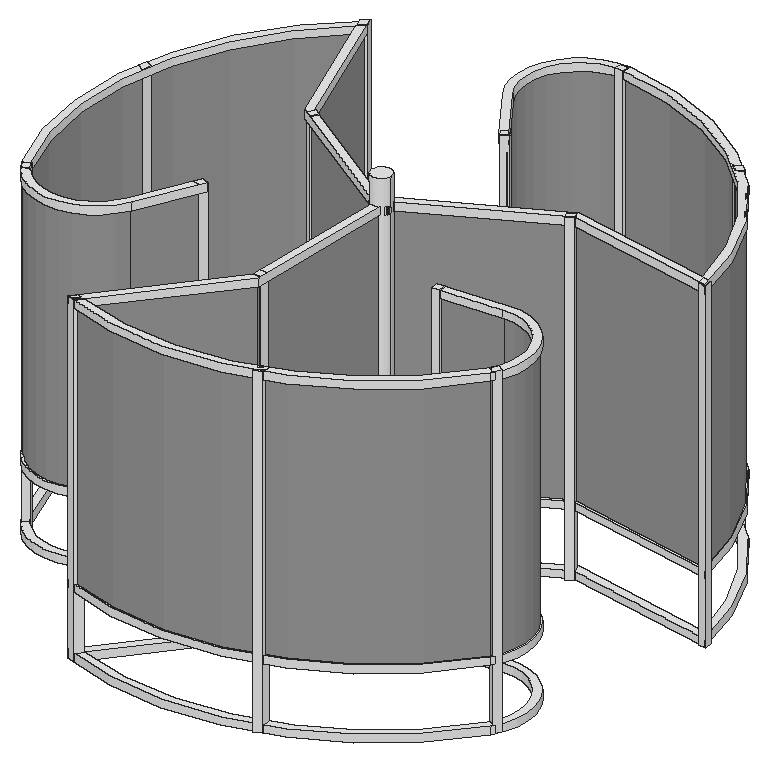
Revit family "Пляжная раздевалка «Модульная» Арт 11169", category Антураж, Revit 2018
Family settings
  На основе рабочей плоскости = Нет
  Всегда вертикально = Да
  При загрузке вырезать с полостями = Нет
  Источник визуального образа = Геометрия семейства
  Общий = Нет
  Точка расчета площади = Нет
Parameters (values of type "Пляжная раздевалка «Модульная» 3,0 м")
  Описание = "Пляжная раздевалка «Модульная»"  # constant formula
  Материал изделия = "Сталь, дерево"  # constant formula
  Изображение типоразмера = Пляжная раздевалка «Модульная».jpg
  Изготовитель = "ООО «Хоббика»"  # constant formula
  Диаметр = 3000 mm  # constant formula
  Группа модели = "Лежаки и шезлонги"  # constant formula
  Высота = 1700 mm  # constant formula
  Артикул товара = "Арт. 11169"  # constant formula
  URL = "https://hobbyka.ru/product/plyazhnaya_razdevalka_modulnaya/#close_popup_window"
Reference planes
  plane 1 "По центру (Вперед/Назад)": y = 0
  plane 2: z = 0
  plane 3 "По центру (Влево/Вправо)": x = 0
Forms (mm)
  Extrusion 1, solid, material "Новый материал (по умолчанию)"
    sketch origin (0, 0, 0) x (1, 0, 0) y (0, 1, 0)
      loop
        line (-26.205, -805.086) -> (-507.759, -1421.447)
        arc (-507.759, -1421.447) -> (470.63, -1434.257) -> (1248.758, -841.025) r 1500
        arc (1248.758, -841.025) -> (1249.189, -508.306) -> (950.081, -362.579) r 313.503
        line (950.081, -362.579) -> (609.396, -398.829) -> (613.628, -438.604) -> (954.313, -402.354)
        arc (954.313, -402.354) -> (1215.121, -529.269) -> (1215.156, -819.318) r 273.503
        arc (1215.156, -819.318) -> (484.151, -1387.388) -> (-441.522, -1401.639) r 1460
        line (-441.522, -1401.639) -> (13.555, -819.166) -> (27.121, -42.006)
        arc (27.121, -42.006) -> (48.035, -13.881) -> (45.346, 21.064) r 50
        line (45.346, 21.064) -> (701.667, 384.869) -> (1476.228, 276.012)
        arc (1476.228, 276.012) -> (998.128, 1129.726) -> (95.309, 1506.989) r 1500
        arc (95.309, 1506.989) -> (-193.049, 1341.002) -> (-169.698, 1009.103) r 313.503
        line (-169.698, 1009.103) -> (32.038, 732.187) -> (64.368, 755.74) -> (-137.368, 1032.656)
        arc (-137.368, 1032.656) -> (-157.86, 1321.98) -> (93.312, 1467.035) r 273.503
        arc (93.312, 1467.035) -> (950.778, 1118.001) -> (1425.956, 323.47) r 1460
        line (1425.956, 323.47) -> (693.981, 426.342) -> (12.279, 48.469)
        arc (12.279, 48.469) -> (-15.672, 47.48) -> (-38.72, 31.635) r 50
        line (-38.72, 31.635) -> (-685.462, 420.237) -> (-978.469, 1145.455)
        arc (-978.469, 1145.455) -> (-1478.758, 304.551) -> (-1354.068, -665.944) r 1500
        arc (-1354.068, -665.944) -> (-1066.14, -832.676) -> (-790.382, -646.505) r 313.503
        line (-790.382, -646.505) -> (-651.434, -333.338) -> (-687.996, -317.116) -> (-826.945, -630.282)
        arc (-826.945, -630.282) -> (-1067.261, -792.691) -> (-1318.468, -647.697) r 273.503
        arc (-1318.468, -647.697) -> (-1444.928, 269.407) -> (-994.433, 1078.189) r 1460
        line (-994.433, 1078.189) -> (-717.536, 392.844) -> (-49.235, -8.712)
        arc (-49.235, -8.712) -> (-36.873, -33.77) -> (-12.995, -48.282) r 50
        line (-12.995, -48.282) -> (-26.205, -805.086)
    from 0 to 40
  Extrusion 2, solid, material "Новый материал (по умолчанию)"
    sketch origin (0, 0, 0) x (1, 0, 0) y (0, 1, 0)
      loop
        arc (95.309, 1506.989) -> (-193.049, 1341.002) -> (-169.698, 1009.103) r 313.503
        line (-169.698, 1009.103) -> (32.038, 732.187) -> (64.368, 755.74) -> (-137.368, 1032.656)
        arc (-137.368, 1032.656) -> (-157.86, 1321.98) -> (93.312, 1467.035) r 273.503
        arc (93.312, 1467.035) -> (950.778, 1118.001) -> (1425.956, 323.47) r 1460
        line (1425.956, 323.47) -> (693.981, 426.342) -> (12.279, 48.469)
        arc (12.279, 48.469) -> (-15.672, 47.48) -> (-38.72, 31.635) r 50
        line (-38.72, 31.635) -> (-685.462, 420.237) -> (-978.469, 1145.455)
        arc (-978.469, 1145.455) -> (-1478.758, 304.551) -> (-1354.068, -665.944) r 1500
        arc (-1354.068, -665.944) -> (-1066.14, -832.676) -> (-790.382, -646.505) r 313.503
        line (-790.382, -646.505) -> (-651.434, -333.338) -> (-687.996, -317.116) -> (-826.945, -630.282)
        arc (-826.945, -630.282) -> (-1067.261, -792.691) -> (-1318.468, -647.697) r 273.503
        arc (-1318.468, -647.697) -> (-1444.928, 269.407) -> (-994.433, 1078.189) r 1460
        line (-994.433, 1078.189) -> (-717.536, 392.844) -> (-49.235, -8.712)
        arc (-49.235, -8.712) -> (-36.873, -33.77) -> (-12.995, -48.282) r 50
        line (-12.995, -48.282) -> (-26.205, -805.086) -> (-507.759, -1421.447)
        arc (-507.759, -1421.447) -> (470.63, -1434.257) -> (1248.758, -841.025) r 1500
        arc (1248.758, -841.025) -> (1249.189, -508.306) -> (950.081, -362.579) r 313.503
        line (950.081, -362.579) -> (609.396, -398.829) -> (613.628, -438.604) -> (954.313, -402.354)
        arc (954.313, -402.354) -> (1215.121, -529.269) -> (1215.156, -819.318) r 273.503
        arc (1215.156, -819.318) -> (484.151, -1387.388) -> (-441.522, -1401.639) r 1460
        line (-441.522, -1401.639) -> (13.555, -819.166) -> (27.121, -42.006)
        arc (27.121, -42.006) -> (48.035, -13.881) -> (45.346, 21.064) r 50
        line (45.346, 21.064) -> (701.667, 384.869) -> (1476.228, 276.012)
        arc (1476.228, 276.012) -> (998.128, 1129.726) -> (95.309, 1506.989) r 1500
    from 325 to 365
  Extrusion 3, solid, material "Новый материал (по умолчанию)"
    sketch origin (0, 0, 0) x (1, 0, 0) y (0, 1, 0)
      loop
        arc (-507.759, -1421.447) -> (470.63, -1434.257) -> (1248.758, -841.025) r 1500
        arc (1248.758, -841.025) -> (1249.189, -508.306) -> (950.081, -362.579) r 313.503
        line (950.081, -362.579) -> (609.396, -398.829) -> (613.628, -438.604) -> (954.313, -402.354)
        arc (954.313, -402.354) -> (1215.121, -529.269) -> (1215.156, -819.318) r 273.503
        arc (1215.156, -819.318) -> (484.151, -1387.388) -> (-441.522, -1401.639) r 1460
        line (-441.522, -1401.639) -> (13.555, -819.166) -> (27.121, -42.006)
        arc (27.121, -42.006) -> (48.035, -13.881) -> (45.346, 21.064) r 50
        line (45.346, 21.064) -> (701.667, 384.869) -> (1476.228, 276.012)
        arc (1476.228, 276.012) -> (998.128, 1129.726) -> (95.309, 1506.989) r 1500
        arc (95.309, 1506.989) -> (-193.049, 1341.002) -> (-169.698, 1009.103) r 313.503
        line (-169.698, 1009.103) -> (32.038, 732.187) -> (64.368, 755.74) -> (-137.368, 1032.656)
        arc (-137.368, 1032.656) -> (-157.86, 1321.98) -> (93.312, 1467.035) r 273.503
        arc (93.312, 1467.035) -> (950.778, 1118.001) -> (1425.956, 323.47) r 1460
        line (1425.956, 323.47) -> (693.981, 426.342) -> (12.279, 48.469)
        arc (12.279, 48.469) -> (-15.672, 47.48) -> (-38.72, 31.635) r 50
        line (-38.72, 31.635) -> (-685.462, 420.237) -> (-978.469, 1145.455)
        arc (-978.469, 1145.455) -> (-1478.758, 304.551) -> (-1354.068, -665.944) r 1500
        arc (-1354.068, -665.944) -> (-1066.14, -832.676) -> (-790.382, -646.505) r 313.503
        line (-790.382, -646.505) -> (-651.434, -333.338) -> (-687.996, -317.116) -> (-826.945, -630.282)
        arc (-826.945, -630.282) -> (-1067.261, -792.691) -> (-1318.468, -647.697) r 273.503
        arc (-1318.468, -647.697) -> (-1444.928, 269.407) -> (-994.433, 1078.189) r 1460
        line (-994.433, 1078.189) -> (-717.536, 392.844) -> (-49.235, -8.712)
        arc (-49.235, -8.712) -> (-36.873, -33.77) -> (-12.995, -48.282) r 50
        line (-12.995, -48.282) -> (-26.205, -805.086) -> (-507.759, -1421.447)
    from 1660 to 1700
  Extrusion 4, solid, material "Новый материал (по умолчанию)"
    sketch origin (0, 0, 0) x (1, 0, 0) y (0, 1, 0)
      loop
        arc (1484.888, 270.991) -> (1480.99, 291.785) -> (1476.799, 312.521) r 1500
        line (1476.799, 312.521) -> (1434.616, 318.45)
        arc (1434.616, 318.45) -> (1439.022, 297.686) -> (1443.126, 276.861) r 1460
        line (1443.126, 276.861) -> (1484.888, 270.991)
      loop
        arc (1005.451, 1123.934) -> (989.56, 1137.9) -> (973.473, 1151.64) r 1500
        line (973.473, 1151.64) -> (936.609, 1130.295)
        arc (936.609, 1130.295) -> (952.882, 1116.666) -> (968.954, 1102.802) r 1460
        line (968.954, 1102.802) -> (1005.451, 1123.934)
      loop
        arc (54.36, 1459.69) -> (74.372, 1461.192) -> (94.439, 1461.222) r 273.503
        line (94.439, 1461.222) -> (95.846, 1501.198)
        arc (95.846, 1501.198) -> (75.794, 1501.262) -> (55.78, 1500.044) r 313.503
        line (55.78, 1500.044) -> (54.36, 1459.69)
      loop
        line (675.343, 360.456) -> (710.328, 379.849) -> (690.935, 414.834) -> (655.95, 395.441) -> (675.343, 360.456)
      loop
        line (73.028, 750.72) -> (49.475, 783.05) -> (17.145, 759.497) -> (40.698, 727.167) -> (73.028, 750.72)
      loop
        arc (-977.13, 1150.455) -> (-993.188, 1136.682) -> (-1009.051, 1122.684) r 1500
        line (-1009.051, 1122.684) -> (-993.094, 1083.189)
        arc (-993.094, 1083.189) -> (-977.315, 1097.386) -> (-961.331, 1111.353) r 1460
        line (-961.331, 1111.353) -> (-977.13, 1150.455)
      loop
        arc (-1476.081, 308.779) -> (-1480.23, 288.034) -> (-1484.086, 267.233) r 1500
        line (-1484.086, 267.233) -> (-1447.169, 245.98)
        arc (-1447.169, 245.98) -> (-1443.502, 266.887) -> (-1439.532, 287.738) r 1460
        line (-1439.532, 287.738) -> (-1476.081, 308.779)
      loop
        arc (-1291.309, -682.768) -> (-1302.615, -666.188) -> (-1312.675, -648.825) r 273.503
        line (-1312.675, -648.825) -> (-1347.998, -667.594)
        arc (-1347.998, -667.594) -> (-1338.028, -684.991) -> (-1326.966, -701.715) r 313.503
        line (-1326.966, -701.715) -> (-1291.309, -682.768)
      loop
        line (-649.836, 404.636) -> (-684.123, 425.237) -> (-704.724, 390.951) -> (-670.437, 370.349) -> (-649.836, 404.636)
      loop
        line (-686.657, -312.116) -> (-702.879, -348.678) -> (-666.316, -364.901) -> (-650.094, -328.338) -> (-686.657, -312.116)
      loop
        arc (-507.759, -1421.447) -> (-487.802, -1428.467) -> (-467.748, -1435.206) r 1500
        line (-467.748, -1435.206) -> (-441.522, -1401.639)
        arc (-441.522, -1401.639) -> (-461.707, -1395.073) -> (-481.794, -1388.214) r 1460
        line (-481.794, -1388.214) -> (-507.759, -1421.447)
      loop
        arc (470.63, -1432.713) -> (490.67, -1425.934) -> (510.613, -1418.872) r 1500
        line (510.613, -1418.872) -> (510.56, -1376.275)
        arc (510.56, -1376.275) -> (490.62, -1383.553) -> (470.577, -1390.54) r 1460
        line (470.577, -1390.54) -> (470.63, -1432.713)
      loop
        arc (1236.948, -776.922) -> (1228.243, -795.004) -> (1218.236, -812.398) r 273.503
        line (1218.236, -812.398) -> (1252.152, -833.604)
        arc (1252.152, -833.604) -> (1262.233, -816.271) -> (1271.186, -798.329) r 313.503
        line (1271.186, -798.329) -> (1236.948, -776.922)
      loop
        line (-25.507, -765.092) -> (-26.205, -805.086) -> (13.789, -805.784) -> (14.487, -765.79) -> (-25.507, -765.092)
      loop
        line (613.628, -438.604) -> (653.404, -434.372) -> (649.172, -394.597) -> (609.396, -398.829) -> (613.628, -438.604)
    from 0 to 1700
  Extrusion 5, solid, material "Новый материал (по умолчанию)(1)"
    sketch origin (0, 0, 0) x (1, 0, 0) y (0, 1, 0)
      loop
        line (-693.481, 413.389) -> (-982.539, 1128.834)
        arc (-982.539, 1128.834) -> (-1470.342, 295.807) -> (-1345.167, -661.385) r 1490
        arc (-1345.167, -661.385) -> (-1066.419, -822.68) -> (-799.523, -642.449) r 303.503
        line (-799.523, -642.449) -> (-664.63, -338.423) -> (-682.911, -330.312) -> (-817.804, -634.338)
        arc (-817.804, -634.338) -> (-1066.979, -802.687) -> (-1327.367, -652.262) r 283.503
        arc (-1327.367, -652.262) -> (-1453.428, 278.237) -> (-990.523, 1095.205) r 1470
        line (-990.523, 1095.205) -> (-709.518, 399.692) -> (-39.912, -2.647)
        arc (-39.912, -2.647) -> (-28.355, -28.213) -> (-2.847, -39.899) r 40
        line (-2.847, -39.899) -> (-16.265, -808.606) -> (-491.33, -1416.661)
        arc (-491.33, -1416.661) -> (473.994, -1422.597) -> (1240.359, -835.596) r 1490
        arc (1240.359, -835.596) -> (1240.671, -513.545) -> (951.139, -372.523) r 303.503
        line (951.139, -372.523) -> (620.398, -407.715) -> (622.514, -427.602) -> (953.255, -392.41)
        arc (953.255, -392.41) -> (1223.637, -524.027) -> (1223.558, -824.742) r 283.503
        arc (1223.558, -824.742) -> (480.754, -1399.164) -> (-458.214, -1406.761) r 1470
        line (-458.214, -1406.761) -> (3.615, -815.646) -> (17.222, -36.103)
        arc (17.222, -36.103) -> (38.956, -9.078) -> (31.407, 24.771) r 40
        line (31.407, 24.771) -> (699.746, 395.237) -> (1463.869, 287.847)
        arc (1463.869, 287.847) -> (986.347, 1126.81) -> (94.807, 1497.001) r 1490
        arc (94.807, 1497.001) -> (-184.252, 1336.246) -> (-161.616, 1014.992) r 303.503
        line (-161.616, 1014.992) -> (34.232, 746.158) -> (50.397, 757.934) -> (-145.45, 1026.768)
        arc (-145.45, 1026.768) -> (-166.658, 1326.734) -> (93.808, 1477.024) r 283.503
        arc (93.808, 1477.024) -> (962.674, 1120.947) -> (1438.737, 311.575) r 1470
        line (1438.737, 311.575) -> (695.902, 415.974) -> (13.435, 37.676)
        arc (13.435, 37.676) -> (-14.798, 37.162) -> (-35.656, 18.128) r 40
        line (-35.656, 18.128) -> (-693.481, 413.389)
    from 365 to 1660
  Extrusion 6, solid, material "Новый материал (по умолчанию)"
    sketch origin (0, 0, 0) x (1, 0, 0) y (0, 1, 0)
      loop
        circle (0, 0) r 50
    from 0 to 1830
Cuts and joins
  joined: Extrusion 1, Extrusion 3
Lines and regions (mm)
  reference lines
    curve 1: circle (0, 0, 0) r 1510 normal (0, 0, 1)
    curve 2: line (-1510, 1510, 0) -> (1510, 1510, 0)
    curve 3: line (-1510, -1510, 0) -> (-1510, 1510, 0)
    curve 4: line (1510, -1510, 0) -> (-1510, -1510, 0)
    curve 5: line (1510, 1510, 0) -> (1510, -1510, 0)
Dimensions and locks
  aligned and locked: level to plane 2
